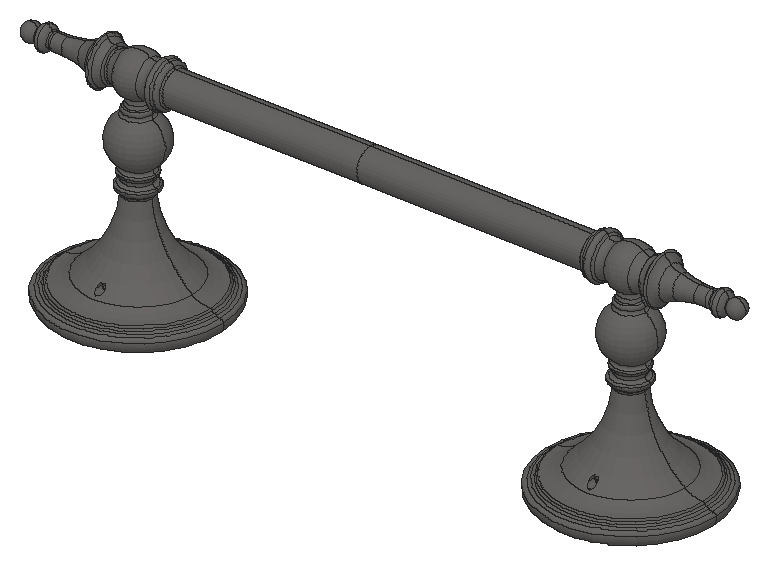
Revit family "Accessory-Tissue_Holder-KOHLER-Decorative-K-26527_1", category Specialty Equipment, host Face, Revit 2021
Family settings
  Host = Face
  Round Connector Dimension = Use Diameter
  Part Type = Normal
  OmniClass Number = 23.31.25.21
  OmniClass Title = Toilet Paper Dispensers
  Cut with Voids When Loaded = No
  Shared = No
  Room Calculation Point = No
Parameters (values of type "2BZ-Oil Rubbed Bronze")
  Width = 3 47/128"  # constant formula
  WaterSense Certified = 1 = 0  # no
  URL = "https://www.us.kohler.com/us/"
  Type = 1
  Product Page URL = "http://www.us.kohler.com/us/catalog/productDetails.jsp?productId=26527"
  Product Name = "Decorative"  # constant formula
  Product Documentation Link = "https://www.us.kohler.com/webassets/kpna/catalog/pdf/en/K-26527_spec_US-CA_Kohler_en.pdf"
  Model = if(Type = 1, "K-26527-2BZ", if(Type = 2, "K-26527-BN", if(Type = 3, "K-26527-CP", if(Type = 4, "K-26527-2MB", "NA"))))  # "K-26527-2BZ"
  Material = "Premium Metal Construction"  # constant formula
  Master Format 2014 Name = "Toilet, Bath, and Laundry Accessories"  # constant formula
  Master Format 2014 = "10 28 00"  # constant formula
  Manufacturer Address = "444 Highland Dr, Kohler, WI 53044"  # constant formula
  Manufacturer = "Kohler Co."  # constant formula
  Length = 10 117/256"  # constant formula
  Height = 2 61/128"  # constant formula
  Finish = Kohler-Metal-2BZ-Oil_Rubbed_Bronze
  Environmental Product Declaration = ""
  Description = "Toilet paper holder"  # constant formula
  Default Elevation = 42"
  Declare Label = ""
  Date Modified = "11/25/2022"  # constant formula
  Date Created = "11/25/2022"  # constant formula
  Copyright = "Copyright Kohler Co."  # constant formula
  Contact Us = "https://www.us.kohler.com/us/static/contact.jsp"
  Assembly Code = "C1030200"
  ADA Compliant = 1 = 0  # no
Reference planes (in)
  plane 1 "Center (Front/Back)": y = 0
  plane 2: z = 0
  plane 3 "Center (Left/Right)": x = 0
  plane 4: y = 1.23905
  plane 5: y = -1.23751
  plane 6: x = 4.79821
  plane 7: x = -5.22914
  plane 8: x = -2.32778
  plane 9: x = 2.32778
  plane 10: x = -3.56299
  plane 11: x = 3.56299
  plane 12: x = 3.56299
  plane 13: x = -3.56299
  plane 14: x = -4.79821
  plane 15: y = -0.23622
  plane 16: y = 0.23622
  plane 17: z = 3.24229
  plane 18: z = 3.00607
  plane 19: z = 2.76985
  plane 20: z = 3.36719
  plane 21: x = 5.22789
Dimensions and locks (in)
  "Width": level to plane 20
  plane 20 to level = 3 47/128"
  plane 13 to plane 12 = 7.12598"  (x2)
  plane 15 to plane 16 = 0.47244"
  "Height": plane 4 to plane 5
  "Length": plane 7 to plane 21
  aligned and locked: plane 2 to host face
  aligned and locked: level to host face
  aligned and locked: plane 3 "Center (Left/Right)" to nested 1
  aligned and locked: plane 1 "Center (Front/Back)" to nested 1
Automatic sketch dimensions
  host sketch curve to host sketch curve = 96"  (x2)
Nested families (in)
  nested 1: "K-26527" at (0, 0, 0), type "K-26527"
Definition of nested family "K-26527"
  Parameters (values of type "K-26527")
    Material = none
    Default Elevation = 0"
  Reference planes (in)
    plane 1 "Center (Front/Back)": y = 0
    plane 2: z = 0
    plane 3 "Center (Left/Right)": x = 0
    plane 4: x = 3.56299
    plane 5: x = -3.56299
    plane 6: z = 3.24229
    plane 7: z = 3.00607
    plane 8: z = 3.36789
    plane 9: x = 5.22857
    plane 10: x = -5.22857
    plane 11: y = 0.23622
    plane 12: y = -0.23622
    plane 13: y = 1.23905
    plane 14: x = -2.32778
    plane 15: x = 2.32778
    plane 16: x = -4.79821
    plane 17: x = 4.79821
    plane 18: z = 2.76985
    plane 19: y = -1.23905
  Forms (in)
    Revolve 1, solid, material <- "Material", detail levels medium+fine
      sketch origin (0, 0, 0) x (1, 0, 0) y (0, 0, 1)
        loop
          line (-3.56299, 0) -> (-2.50667, 0)
          arc (-2.50667, 0) -> (-2.45137, 0.01682) -> (-2.39998, 0.04327) r 0.32172
          arc (-2.39998, 0.04327) -> (-2.34293, 0.10847) -> (-2.33039, 0.1942) r 0.15315
          arc (-2.33039, 0.1942) -> (-2.34937, 0.22699) -> (-2.3858, 0.23745) r 0.05067
          arc (-2.3858, 0.23745) -> (-2.41228, 0.24156) -> (-2.4333, 0.25819) r 0.05258
          arc (-2.4333, 0.25819) -> (-2.44827, 0.27078) -> (-2.46725, 0.27549) r 0.04327
          arc (-2.46725, 0.27549) -> (-2.48526, 0.28259) -> (-2.49412, 0.2998) r 0.02748
          arc (-2.49412, 0.2998) -> (-2.50103, 0.31365) -> (-2.5152, 0.31986) r 0.02272
          arc (-2.5152, 0.31986) -> (-2.65392, 0.34917) -> (-2.77884, 0.41625) r 0.49986
          arc (-2.77884, 0.41625) -> (-3.18263, 0.87617) -> (-3.35777, 1.46259) r 1.43333
          arc (-3.35777, 1.46259) -> (-3.34722, 1.47492) -> (-3.34479, 1.49095) r 0.0295
          arc (-3.34479, 1.49095) -> (-3.33972, 1.51137) -> (-3.3222, 1.52302) r 0.02906
          arc (-3.3222, 1.52302) -> (-3.29085, 1.5452) -> (-3.28486, 1.58313) r 0.0494
          arc (-3.28486, 1.58313) -> (-3.29464, 1.5981) -> (-3.31161, 1.60373) r 0.02711
          arc (-3.31161, 1.60373) -> (-3.34469, 1.61721) -> (-3.35787, 1.65042) r 0.04555
          arc (-3.35787, 1.65042) -> (-3.34927, 1.68746) -> (-3.32673, 1.71809) r 0.09429
          arc (-3.32673, 1.71809) -> (-3.31601, 1.732) -> (-3.3109, 1.7488) r 0.04885
          arc (-3.3109, 1.7488) -> (-3.31439, 1.76414) -> (-3.32673, 1.7739) r 0.02368
          arc (-3.32673, 1.7739) -> (-3.35326, 1.80631) -> (-3.33614, 1.84453) r 0.03983
          arc (-3.33614, 1.84453) -> (-3.16774, 2.16802) -> (-3.34574, 2.48633) r 0.38392
          arc (-3.34574, 2.48633) -> (-3.36494, 2.5118) -> (-3.36264, 2.54362) r 0.04541
          arc (-3.36264, 2.54362) -> (-3.3613, 2.5718) -> (-3.37986, 2.59303) r 0.03773
          arc (-3.37986, 2.59303) -> (-3.39187, 2.60285) -> (-3.39868, 2.61679) r 0.03621
          arc (-3.39868, 2.61679) -> (-3.40491, 2.6407) -> (-3.41197, 2.66437) r 0.71651
          arc (-3.41197, 2.66437) -> (-3.41683, 2.7166) -> (-3.39957, 2.76614) r 0.12348
          line (-3.39957, 2.76614) -> (-3.56299, 2.76614) -> (-3.56299, 0)
        axis (-3.56299, 0) -> (-3.56299, 2.76614)
      angle from 0 to 360
    Revolve 2, solid, material <- "Material", detail levels medium+fine
      sketch origin (-0.00159, 0, 0) x (1, 0, 0) y (0, 0, 1)
        loop
          arc (-4.80651, 3.11884) -> (-4.83399, 3.15839) -> (-4.87696, 3.18015) r 0.09832
          arc (-4.87696, 3.18015) -> (-4.909, 3.17938) -> (-4.9369, 3.16361) r 0.06602
          arc (-4.9369, 3.16361) -> (-4.96442, 3.13062) -> (-4.9836, 3.09218) r 0.1853
          arc (-4.9836, 3.09218) -> (-4.99488, 3.08279) -> (-5.00859, 3.08805) r 0.01452
          arc (-5.00859, 3.08805) -> (-5.14752, 3.12627) -> (-5.22698, 3.00607) r 0.1227
          line (-5.22698, 3.00607) -> (5.23016, 3.00607)
          arc (5.23016, 3.00607) -> (5.1507, 3.12627) -> (5.01177, 3.08805) r 0.1227
          arc (5.01177, 3.08805) -> (4.99806, 3.08279) -> (4.98678, 3.09218) r 0.01452
          arc (4.98678, 3.09218) -> (4.9676, 3.13062) -> (4.94008, 3.16361) r 0.1853
          arc (4.94008, 3.16361) -> (4.91218, 3.17938) -> (4.88014, 3.18015) r 0.06602
          arc (4.88014, 3.18015) -> (4.83717, 3.15839) -> (4.80969, 3.11884) r 0.09832
          arc (4.80969, 3.11884) -> (4.7953, 3.10607) -> (4.77664, 3.11071) r 0.02063
          arc (4.77664, 3.11071) -> (4.76017, 3.12085) -> (4.7412, 3.12464) r 0.05489
          arc (4.7412, 3.12464) -> (4.65845, 3.12664) -> (4.57573, 3.12926) r 10.80592
          arc (4.57573, 3.12926) -> (4.43731, 3.14252) -> (4.30147, 3.17224) r 1.1608
          arc (4.30147, 3.17224) -> (4.22363, 3.19975) -> (4.14997, 3.23702) r 0.64162
          arc (4.14997, 3.23702) -> (4.09406, 3.28226) -> (4.05374, 3.34182) r 0.24452
          arc (4.05374, 3.34182) -> (4.04131, 3.3503) -> (4.02777, 3.34375) r 0.01502
          arc (4.02777, 3.34375) -> (4.01633, 3.32829) -> (4.00367, 3.31382) r 0.23455
          arc (4.00367, 3.31382) -> (3.95423, 3.2774) -> (3.89526, 3.26029) r 0.17514
          arc (3.89526, 3.26029) -> (3.88143, 3.25217) -> (3.87838, 3.23643) r 0.01947
          arc (3.87838, 3.23643) -> (3.8728, 3.21809) -> (3.85408, 3.21394) r 0.01901
          arc (3.85408, 3.21394) -> (3.79332, 3.23789) -> (3.73619, 3.26955) r 0.50064
          arc (3.73619, 3.26955) -> (3.56269, 3.31998) -> (3.38976, 3.26763) r 0.31762
          arc (3.38976, 3.26763) -> (3.31657, 3.24845) -> (3.24676, 3.27761) r 0.11811
          arc (3.24676, 3.27761) -> (3.23567, 3.28982) -> (3.22755, 3.30417) r 0.07417
          arc (3.22755, 3.30417) -> (3.19212, 3.33389) -> (3.14721, 3.32285) r 0.05111
          arc (3.14721, 3.32285) -> (3.12959, 3.31265) -> (3.10947, 3.30956) r 0.05505
          arc (3.10947, 3.30956) -> (3.0714, 3.29708) -> (3.05033, 3.26302) r 0.0584
          arc (3.05033, 3.26302) -> (3.04129, 3.24813) -> (3.02487, 3.24229) r 0.02599
          line (3.02487, 3.24229) -> (-0.20653, 3.24229) -> (-3.02169, 3.24229)
          arc (-3.02169, 3.24229) -> (-3.03811, 3.24813) -> (-3.04715, 3.26302) r 0.02599
          arc (-3.04715, 3.26302) -> (-3.06822, 3.29708) -> (-3.10628, 3.30956) r 0.0584
          arc (-3.10628, 3.30956) -> (-3.12641, 3.31265) -> (-3.14403, 3.32285) r 0.05505
          arc (-3.14403, 3.32285) -> (-3.18894, 3.33389) -> (-3.22437, 3.30417) r 0.05111
          arc (-3.22437, 3.30417) -> (-3.23249, 3.28982) -> (-3.24358, 3.27761) r 0.07417
          arc (-3.24358, 3.27761) -> (-3.31339, 3.24845) -> (-3.38658, 3.26763) r 0.11811
          arc (-3.38658, 3.26763) -> (-3.55951, 3.31998) -> (-3.73301, 3.26955) r 0.31762
          arc (-3.73301, 3.26955) -> (-3.79014, 3.23789) -> (-3.8509, 3.21394) r 0.50064
          arc (-3.8509, 3.21394) -> (-3.86962, 3.21809) -> (-3.8752, 3.23643) r 0.01901
          arc (-3.8752, 3.23643) -> (-3.87825, 3.25217) -> (-3.89208, 3.26029) r 0.01947
          arc (-3.89208, 3.26029) -> (-3.95105, 3.2774) -> (-4.00049, 3.31382) r 0.17514
          arc (-4.00049, 3.31382) -> (-4.01323, 3.32839) -> (-4.02473, 3.34397) r 0.23455
          arc (-4.02473, 3.34397) -> (-4.03814, 3.35046) -> (-4.05044, 3.34206) r 0.01486
          arc (-4.05044, 3.34206) -> (-4.09079, 3.28236) -> (-4.14679, 3.23702) r 0.24452
          arc (-4.14679, 3.23702) -> (-4.22045, 3.19975) -> (-4.29829, 3.17224) r 0.64162
          arc (-4.29829, 3.17224) -> (-4.43413, 3.14252) -> (-4.57254, 3.12926) r 1.1608
          arc (-4.57254, 3.12926) -> (-4.65527, 3.12664) -> (-4.73802, 3.12464) r 10.80592
          arc (-4.73802, 3.12464) -> (-4.75698, 3.12085) -> (-4.77346, 3.11071) r 0.05489
          arc (-4.77346, 3.11071) -> (-4.79212, 3.10607) -> (-4.80651, 3.11884) r 0.02063
        axis (-5.22698, 3.00607) -> (5.23016, 3.00607)
      angle from 0 to 360
    Revolve 3, solid, material <- "Material", detail levels medium+fine
      sketch origin (0, 0, 0) x (-1, 0, 0) y (0, 0, -1)
        loop
          line (-3.56299, 0) -> (-3.56299, -2.76614) -> (-3.39957, -2.76614)
          arc (-3.39957, -2.76614) -> (-3.41683, -2.7166) -> (-3.41197, -2.66437) r 0.12348
          arc (-3.41197, -2.66437) -> (-3.40491, -2.6407) -> (-3.39868, -2.61679) r 0.71651
          arc (-3.39868, -2.61679) -> (-3.39187, -2.60285) -> (-3.37986, -2.59303) r 0.03621
          arc (-3.37986, -2.59303) -> (-3.3613, -2.5718) -> (-3.36264, -2.54362) r 0.03773
          arc (-3.36264, -2.54362) -> (-3.36494, -2.5118) -> (-3.34574, -2.48633) r 0.04541
          arc (-3.34574, -2.48633) -> (-3.16774, -2.16802) -> (-3.33614, -1.84453) r 0.38392
          arc (-3.33614, -1.84453) -> (-3.35326, -1.80631) -> (-3.32673, -1.7739) r 0.03983
          arc (-3.32673, -1.7739) -> (-3.31439, -1.76414) -> (-3.3109, -1.7488) r 0.02368
          arc (-3.3109, -1.7488) -> (-3.31601, -1.732) -> (-3.32673, -1.71809) r 0.04885
          arc (-3.32673, -1.71809) -> (-3.34927, -1.68746) -> (-3.35787, -1.65042) r 0.09429
          arc (-3.35787, -1.65042) -> (-3.34469, -1.61721) -> (-3.31161, -1.60373) r 0.04555
          arc (-3.31161, -1.60373) -> (-3.29464, -1.5981) -> (-3.28486, -1.58313) r 0.02711
          arc (-3.28486, -1.58313) -> (-3.29085, -1.5452) -> (-3.3222, -1.52302) r 0.0494
          arc (-3.3222, -1.52302) -> (-3.33972, -1.51137) -> (-3.34479, -1.49095) r 0.02906
          arc (-3.34479, -1.49095) -> (-3.34722, -1.47492) -> (-3.35777, -1.46259) r 0.0295
          arc (-3.35777, -1.46259) -> (-3.18263, -0.87617) -> (-2.77884, -0.41625) r 1.43333
          arc (-2.77884, -0.41625) -> (-2.65392, -0.34917) -> (-2.5152, -0.31986) r 0.49986
          arc (-2.5152, -0.31986) -> (-2.50103, -0.31365) -> (-2.49412, -0.2998) r 0.02272
          arc (-2.49412, -0.2998) -> (-2.48526, -0.28259) -> (-2.46725, -0.27549) r 0.02748
          arc (-2.46725, -0.27549) -> (-2.44827, -0.27078) -> (-2.4333, -0.25819) r 0.04327
          arc (-2.4333, -0.25819) -> (-2.41228, -0.24156) -> (-2.3858, -0.23745) r 0.05258
          arc (-2.3858, -0.23745) -> (-2.34937, -0.22699) -> (-2.33039, -0.1942) r 0.05067
          arc (-2.33039, -0.1942) -> (-2.34293, -0.10847) -> (-2.39998, -0.04327) r 0.15315
          arc (-2.39998, -0.04327) -> (-2.45137, -0.01682) -> (-2.50667, 0) r 0.32172
          line (-2.50667, 0) -> (-3.56299, 0)
        axis (-3.56299, 0) -> (-3.56299, -2.76614)
      angle from 0 to 360
    Revolve 4, solid, material <- "Material", detail levels coarse
      sketch origin (0, 0, 0) x (1, 0, 0) y (0, 0, 1)
        loop
          line (-2.2563, 0) -> (-2.2563, 0.3937)
          arc (-2.2563, 0.3937) -> (-3.04195, 1.51207) -> (-3.39654, 2.83201) r 3.92554
          line (-3.39654, 2.83201) -> (-3.56299, 2.83201) -> (-3.56299, 0) -> (-2.2563, 0)
        axis (-3.56299, 2.83201) -> (-3.56299, 0)
      angle from 0 to 360
    Revolve 5, solid, material <- "Material", detail levels coarse
      sketch origin (0, 0, 0) x (-1, 0, 0) y (0, 0, -1)
        loop
          line (-2.2563, 0) -> (-3.56299, 0) -> (-3.56299, -2.83201) -> (-3.39654, -2.83201)
          arc (-3.39654, -2.83201) -> (-3.04195, -1.51207) -> (-2.2563, -0.3937) r 3.92554
          line (-2.2563, -0.3937) -> (-2.2563, 0)
        axis (-3.56299, -2.83201) -> (-3.56299, 0)
      angle from 0 to 360
    Revolve 6, solid, material <- "Material", detail levels coarse
      sketch origin (0, 0, 0) x (1, 0, 0) y (0, 0, 1)
        loop
          line (-4.2801, 2.38724) -> (-2.90358, 2.38724) -> (-2.90358, 2.58409) -> (-0.29101, 2.58409) -> (2.90358, 2.58409) -> (2.90358, 2.38724) -> (4.2801, 2.38724) -> (4.2801, 2.78101) -> (5.33122, 2.78101) -> (5.33122, 3.00607) -> (-5.33122, 3.00607) -> (-5.33122, 2.78101) -> (-4.2801, 2.78101) -> (-4.2801, 2.38724)
        axis (5.33122, 3.00607) -> (-5.33122, 3.00607)
      angle from 0 to 360
    Extrusion 7, void
      sketch origin (0, 0, 0) x (1, 0, 0) y (0, 0, 1)
        loop
          circle (-3.56299, 0.50503) r 0.05906
        loop
          circle (3.56299, 0.50503) r 0.05906
      from 0.4795 to 0.78752
    Extrusion 8, solid, material <- "Material", detail levels medium+fine
      sketch origin (0, 0, 0) x (1, 0, 0) y (0, 0, 1)
        loop
          circle (-3.56299, 0.50503) r 0.05906
        loop
          line (-3.56299, 0.54902) -> (-3.60109, 0.52703) -> (-3.60109, 0.48303) -> (-3.56299, 0.46103) -> (-3.52489, 0.48303) -> (-3.52489, 0.52703) -> (-3.56299, 0.54902)
        loop
          circle (3.56299, 0.50503) r 0.05906
        loop
          line (3.56299, 0.54902) -> (3.52489, 0.52703) -> (3.52489, 0.48303) -> (3.56299, 0.46103) -> (3.60109, 0.48303) -> (3.60109, 0.52703) -> (3.56299, 0.54902)
      from 0.4795 to 0.58539
  Cuts and joins
    joined: Revolve 4, Revolve 5, Revolve 6
    Extrusion 7 cuts Revolve 1
    Extrusion 7 cuts Revolve 2
    Extrusion 7 cuts Revolve 3
    joined: Revolve 1, Revolve 2, Revolve 3
  Lines and regions (in)
    Masking region 1
      outline origin (0, 0, 0) x (1, 0, 0) y (0, 0, 1)
        loop
          arc (-3.76739, 2.76155) -> (-3.72465, 2.72869) -> (-3.71322, 2.676) r 0.07842
          arc (-3.71322, 2.676) -> (-3.72155, 2.63301) -> (-3.74353, 2.59514) r 0.13138
          arc (-3.74353, 2.59514) -> (-3.76497, 2.57024) -> (-3.75999, 2.53777) r 0.03928
          line (-3.75999, 2.53777) -> (-3.75999, 2.49835)
          arc (-3.75999, 2.49835) -> (-3.9611, 2.17596) -> (-3.78405, 1.83975) r 0.38154
          arc (-3.78405, 1.83975) -> (-3.77902, 1.80391) -> (-3.79926, 1.7739) r 0.05051
          arc (-3.79926, 1.7739) -> (-3.81458, 1.76642) -> (-3.81485, 1.74936) r 0.0163
          arc (-3.81485, 1.74936) -> (-3.80774, 1.73171) -> (-3.79744, 1.71572) r 0.10052
          arc (-3.79744, 1.71572) -> (-3.78036, 1.69269) -> (-3.77052, 1.66576) r 0.09983
          arc (-3.77052, 1.66576) -> (-3.76744, 1.64153) -> (-3.78289, 1.62261) r 0.03095
          arc (-3.78289, 1.62261) -> (-3.79915, 1.61848) -> (-3.80907, 1.60495) r 0.0248
          arc (-3.80907, 1.60495) -> (-3.829, 1.59932) -> (-3.84111, 1.58251) r 0.03145
          arc (-3.84111, 1.58251) -> (-3.84221, 1.5632) -> (-3.83457, 1.54544) r 0.04211
          arc (-3.83457, 1.54544) -> (-3.82316, 1.53355) -> (-3.80913, 1.52492) r 0.06495
          arc (-3.80913, 1.52492) -> (-3.79343, 1.52056) -> (-3.78142, 1.50956) r 0.03493
          arc (-3.78142, 1.50956) -> (-3.7802, 1.48183) -> (-3.76868, 1.45658) r 0.07276
          arc (-3.76868, 1.45658) -> (-3.78445, 1.30723) -> (-3.82071, 1.1615) r 1.08389
          arc (-3.82071, 1.1615) -> (-3.90476, 0.95319) -> (-4.01717, 0.75871) r 1.5991
          arc (-4.01717, 0.75871) -> (-4.17874, 0.5526) -> (-4.38485, 0.39102) r 1.08905
          arc (-4.38485, 0.39102) -> (-4.48924, 0.34324) -> (-4.60178, 0.32054) r 0.49986
          arc (-4.60178, 0.32054) -> (-4.6193, 0.31722) -> (-4.63095, 0.3037) r 0.02704
          arc (-4.63095, 0.3037) -> (-4.6409, 0.28488) -> (-4.66002, 0.2755) r 0.03446
          arc (-4.66002, 0.2755) -> (-4.68202, 0.26672) -> (-4.69755, 0.24885) r 0.05025
          arc (-4.69755, 0.24885) -> (-4.71898, 0.24039) -> (-4.74187, 0.2378) r 0.08768
          arc (-4.74187, 0.2378) -> (-4.77879, 0.22439) -> (-4.7972, 0.1897) r 0.05468
          arc (-4.7972, 0.1897) -> (-4.79403, 0.13868) -> (-4.77288, 0.09216) r 0.14088
          arc (-4.77288, 0.09216) -> (-4.70595, 0.02967) -> (-4.61932, 0) r 0.21906
          line (-4.61932, 0) -> (-3.59377, 0) -> (-2.50667, 0)
          arc (-2.50667, 0) -> (-2.42004, 0.02967) -> (-2.35311, 0.09216) r 0.21906
          arc (-2.35311, 0.09216) -> (-2.33195, 0.13868) -> (-2.32879, 0.1897) r 0.14088
          arc (-2.32879, 0.1897) -> (-2.3472, 0.22439) -> (-2.38412, 0.2378) r 0.05468
          arc (-2.38412, 0.2378) -> (-2.40701, 0.24039) -> (-2.42843, 0.24885) r 0.08768
          arc (-2.42843, 0.24885) -> (-2.44397, 0.26672) -> (-2.46596, 0.2755) r 0.05025
          arc (-2.46596, 0.2755) -> (-2.48508, 0.28488) -> (-2.49504, 0.3037) r 0.03446
          arc (-2.49504, 0.3037) -> (-2.50668, 0.31722) -> (-2.52421, 0.32054) r 0.02704
          arc (-2.52421, 0.32054) -> (-2.63675, 0.34324) -> (-2.74113, 0.39102) r 0.49986
          arc (-2.74113, 0.39102) -> (-2.94724, 0.5526) -> (-3.10882, 0.75871) r 1.08905
          arc (-3.10882, 0.75871) -> (-3.22122, 0.95319) -> (-3.30527, 1.1615) r 1.5991
          arc (-3.30527, 1.1615) -> (-3.34153, 1.30723) -> (-3.3573, 1.45658) r 1.08389
          arc (-3.3573, 1.45658) -> (-3.34579, 1.48183) -> (-3.34457, 1.50956) r 0.07276
          arc (-3.34457, 1.50956) -> (-3.33255, 1.52056) -> (-3.31686, 1.52492) r 0.03493
          arc (-3.31686, 1.52492) -> (-3.30282, 1.53355) -> (-3.29141, 1.54544) r 0.06495
          arc (-3.29141, 1.54544) -> (-3.28377, 1.5632) -> (-3.28487, 1.58251) r 0.04211
          arc (-3.28487, 1.58251) -> (-3.29698, 1.59932) -> (-3.31691, 1.60495) r 0.03145
          arc (-3.31691, 1.60495) -> (-3.32683, 1.61848) -> (-3.34309, 1.62261) r 0.0248
          arc (-3.34309, 1.62261) -> (-3.35855, 1.64153) -> (-3.35547, 1.66576) r 0.03095
          arc (-3.35547, 1.66576) -> (-3.34563, 1.69269) -> (-3.32854, 1.71572) r 0.09983
          arc (-3.32854, 1.71572) -> (-3.31824, 1.73171) -> (-3.31114, 1.74936) r 0.10052
          arc (-3.31114, 1.74936) -> (-3.3114, 1.76642) -> (-3.32673, 1.7739) r 0.0163
          arc (-3.32673, 1.7739) -> (-3.34696, 1.80391) -> (-3.34193, 1.83975) r 0.05051
          arc (-3.34193, 1.83975) -> (-3.16488, 2.17596) -> (-3.366, 2.49835) r 0.38154
          line (-3.366, 2.49835) -> (-3.366, 2.53777)
          arc (-3.366, 2.53777) -> (-3.36101, 2.57024) -> (-3.38245, 2.59514) r 0.03928
          arc (-3.38245, 2.59514) -> (-3.40444, 2.63301) -> (-3.41276, 2.676) r 0.13138
          arc (-3.41276, 2.676) -> (-3.40638, 2.71939) -> (-3.37769, 2.75257) r 0.07842
          arc (-3.37769, 2.75257) -> (-3.30426, 2.76143) -> (-3.23843, 2.72773) r 0.12655
          arc (-3.23843, 2.72773) -> (-3.21243, 2.68981) -> (-3.16891, 2.67498) r 0.07292
          arc (-3.16891, 2.67498) -> (-3.15379, 2.67832) -> (-3.14162, 2.68791) r 0.03469
          arc (-3.14162, 2.68791) -> (-3.12631, 2.69946) -> (-3.10736, 2.70238) r 0.03925
          arc (-3.10736, 2.70238) -> (-3.06854, 2.7136) -> (-3.04783, 2.74831) r 0.05508
          arc (-3.04783, 2.74831) -> (-3.03911, 2.76374) -> (-3.02248, 2.76985) r 0.02569
          line (-3.02248, 2.76985) -> (0.00171, 2.76985) -> (3.02248, 2.76985)
          arc (3.02248, 2.76985) -> (3.03911, 2.76374) -> (3.04783, 2.74831) r 0.02569
          arc (3.04783, 2.74831) -> (3.06854, 2.7136) -> (3.10736, 2.70238) r 0.05508
          arc (3.10736, 2.70238) -> (3.12631, 2.69946) -> (3.14162, 2.68791) r 0.03925
          arc (3.14162, 2.68791) -> (3.15379, 2.67832) -> (3.16891, 2.67498) r 0.03469
          arc (3.16891, 2.67498) -> (3.21243, 2.68981) -> (3.23843, 2.72773) r 0.07292
          arc (3.23843, 2.72773) -> (3.30426, 2.76143) -> (3.37769, 2.75257) r 0.12655
          arc (3.37769, 2.75257) -> (3.40638, 2.71939) -> (3.41276, 2.676) r 0.07842
          arc (3.41276, 2.676) -> (3.40444, 2.63301) -> (3.38245, 2.59514) r 0.13138
          arc (3.38245, 2.59514) -> (3.36101, 2.57024) -> (3.366, 2.53777) r 0.03928
          line (3.366, 2.53777) -> (3.366, 2.49835)
          arc (3.366, 2.49835) -> (3.16488, 2.17596) -> (3.34193, 1.83975) r 0.38154
          arc (3.34193, 1.83975) -> (3.34696, 1.80391) -> (3.32673, 1.7739) r 0.05051
          arc (3.32673, 1.7739) -> (3.3114, 1.76642) -> (3.31114, 1.74936) r 0.0163
          arc (3.31114, 1.74936) -> (3.31824, 1.73171) -> (3.32854, 1.71572) r 0.10052
          arc (3.32854, 1.71572) -> (3.34563, 1.69269) -> (3.35547, 1.66576) r 0.09983
          arc (3.35547, 1.66576) -> (3.35855, 1.64153) -> (3.34309, 1.62261) r 0.03095
          arc (3.34309, 1.62261) -> (3.32683, 1.61848) -> (3.31691, 1.60495) r 0.0248
          arc (3.31691, 1.60495) -> (3.29698, 1.59932) -> (3.28487, 1.58251) r 0.03145
          arc (3.28487, 1.58251) -> (3.28377, 1.5632) -> (3.29141, 1.54544) r 0.04211
          arc (3.29141, 1.54544) -> (3.30282, 1.53355) -> (3.31686, 1.52492) r 0.06495
          arc (3.31686, 1.52492) -> (3.33255, 1.52056) -> (3.34457, 1.50956) r 0.03493
          arc (3.34457, 1.50956) -> (3.34579, 1.48183) -> (3.3573, 1.45658) r 0.07276
          arc (3.3573, 1.45658) -> (3.34153, 1.30723) -> (3.30527, 1.1615) r 1.08389
          arc (3.30527, 1.1615) -> (3.22122, 0.95319) -> (3.10882, 0.75871) r 1.5991
          arc (3.10882, 0.75871) -> (2.94724, 0.5526) -> (2.74113, 0.39102) r 1.08905
          arc (2.74113, 0.39102) -> (2.63675, 0.34324) -> (2.52421, 0.32054) r 0.49986
          arc (2.52421, 0.32054) -> (2.50668, 0.31722) -> (2.49504, 0.3037) r 0.02704
          arc (2.49504, 0.3037) -> (2.48508, 0.28488) -> (2.46596, 0.2755) r 0.03446
          arc (2.46596, 0.2755) -> (2.44397, 0.26672) -> (2.42843, 0.24885) r 0.05025
          arc (2.42843, 0.24885) -> (2.40701, 0.24039) -> (2.38412, 0.2378) r 0.08768
          arc (2.38412, 0.2378) -> (2.3472, 0.22439) -> (2.32879, 0.1897) r 0.05468
          arc (2.32879, 0.1897) -> (2.33195, 0.13868) -> (2.35311, 0.09216) r 0.14088
          arc (2.35311, 0.09216) -> (2.42004, 0.02967) -> (2.50667, 0) r 0.21906
          line (2.50667, 0) -> (3.59377, 0) -> (4.61932, 0)
          arc (4.61932, 0) -> (4.70595, 0.02967) -> (4.77288, 0.09216) r 0.21906
          arc (4.77288, 0.09216) -> (4.79403, 0.13868) -> (4.7972, 0.1897) r 0.14088
          arc (4.7972, 0.1897) -> (4.77879, 0.22439) -> (4.74187, 0.2378) r 0.05468
          arc (4.74187, 0.2378) -> (4.71898, 0.24039) -> (4.69755, 0.24885) r 0.08768
          arc (4.69755, 0.24885) -> (4.68202, 0.26672) -> (4.66002, 0.2755) r 0.05025
          arc (4.66002, 0.2755) -> (4.6409, 0.28488) -> (4.63095, 0.3037) r 0.03446
          arc (4.63095, 0.3037) -> (4.6193, 0.31722) -> (4.60178, 0.32054) r 0.02704
          arc (4.60178, 0.32054) -> (4.48924, 0.34324) -> (4.38485, 0.39102) r 0.49986
          arc (4.38485, 0.39102) -> (4.17874, 0.5526) -> (4.01717, 0.75871) r 1.08905
          arc (4.01717, 0.75871) -> (3.90476, 0.95319) -> (3.82071, 1.1615) r 1.5991
          arc (3.82071, 1.1615) -> (3.78445, 1.30723) -> (3.76868, 1.45658) r 1.08389
          arc (3.76868, 1.45658) -> (3.7802, 1.48183) -> (3.78142, 1.50956) r 0.07276
          arc (3.78142, 1.50956) -> (3.79343, 1.52056) -> (3.80913, 1.52492) r 0.03493
          arc (3.80913, 1.52492) -> (3.82316, 1.53355) -> (3.83457, 1.54544) r 0.06495
          arc (3.83457, 1.54544) -> (3.84221, 1.5632) -> (3.84111, 1.58251) r 0.04211
          arc (3.84111, 1.58251) -> (3.829, 1.59932) -> (3.80907, 1.60495) r 0.03145
          arc (3.80907, 1.60495) -> (3.79915, 1.61848) -> (3.78289, 1.62261) r 0.0248
          arc (3.78289, 1.62261) -> (3.76744, 1.64153) -> (3.77052, 1.66576) r 0.03095
          arc (3.77052, 1.66576) -> (3.78036, 1.69269) -> (3.79744, 1.71572) r 0.09983
          arc (3.79744, 1.71572) -> (3.80774, 1.73171) -> (3.81485, 1.74936) r 0.10052
          arc (3.81485, 1.74936) -> (3.81458, 1.76642) -> (3.79926, 1.7739) r 0.0163
          arc (3.79926, 1.7739) -> (3.77902, 1.80391) -> (3.78405, 1.83975) r 0.05051
          arc (3.78405, 1.83975) -> (3.9611, 2.17596) -> (3.75999, 2.49835) r 0.38154
          line (3.75999, 2.49835) -> (3.75999, 2.53777)
          arc (3.75999, 2.53777) -> (3.76497, 2.57024) -> (3.74353, 2.59514) r 0.03928
          arc (3.74353, 2.59514) -> (3.72155, 2.63301) -> (3.71322, 2.676) r 0.13138
          arc (3.71322, 2.676) -> (3.72465, 2.72869) -> (3.76739, 2.76155) r 0.07842
          arc (3.76739, 2.76155) -> (3.80939, 2.78518) -> (3.85562, 2.79877) r 0.21325
          arc (3.85562, 2.79877) -> (3.87031, 2.79481) -> (3.87674, 2.78101) r 0.01802
          line (3.87674, 2.78101) -> (3.87674, 2.75005) -> (3.91357, 2.75005)
          arc (3.91357, 2.75005) -> (3.93019, 2.74821) -> (3.94495, 2.74034) r 0.04433
          arc (3.94495, 2.74034) -> (3.95778, 2.7307) -> (3.97127, 2.72201) r 0.2258
          arc (3.97127, 2.72201) -> (4.00015, 2.70018) -> (4.02358, 2.67258) r 0.1652
          arc (4.02358, 2.67258) -> (4.0389, 2.66483) -> (4.05355, 2.67377) r 0.01764
          arc (4.05355, 2.67377) -> (4.09493, 2.73009) -> (4.14838, 2.77512) r 0.29556
          arc (4.14838, 2.77512) -> (4.22989, 2.81785) -> (4.31821, 2.84373) r 0.46636
          arc (4.31821, 2.84373) -> (4.52729, 2.87865) -> (4.7391, 2.88748) r 1.71311
          arc (4.7391, 2.88748) -> (4.75626, 2.8907) -> (4.77144, 2.89935) r 0.05266
          arc (4.77144, 2.89935) -> (4.78679, 2.90665) -> (4.80259, 2.90038) r 0.02128
          arc (4.80259, 2.90038) -> (4.83244, 2.85716) -> (4.87855, 2.83199) r 0.11363
          arc (4.87855, 2.83199) -> (4.94359, 2.85213) -> (4.98088, 2.9091) r 0.1005
          arc (4.98088, 2.9091) -> (4.98985, 2.92469) -> (5.00783, 2.92466) r 0.01794
          arc (5.00783, 2.92466) -> (5.147, 2.88727) -> (5.22857, 3.00607) r 0.12474
          arc (5.22857, 3.00607) -> (5.147, 3.12486) -> (5.00783, 3.08747) r 0.12474
          arc (5.00783, 3.08747) -> (4.98985, 3.08745) -> (4.98088, 3.10303) r 0.01794
          arc (4.98088, 3.10303) -> (4.94359, 3.16001) -> (4.87855, 3.18015) r 0.1005
          arc (4.87855, 3.18015) -> (4.83244, 3.15497) -> (4.80259, 3.11175) r 0.11363
          arc (4.80259, 3.11175) -> (4.78679, 3.10548) -> (4.77144, 3.11279) r 0.02128
          arc (4.77144, 3.11279) -> (4.75626, 3.12144) -> (4.7391, 3.12466) r 0.05266
          arc (4.7391, 3.12466) -> (4.52729, 3.13348) -> (4.31821, 3.1684) r 1.71311
          arc (4.31821, 3.1684) -> (4.22989, 3.19429) -> (4.14838, 3.23702) r 0.46636
          arc (4.14838, 3.23702) -> (4.09493, 3.28205) -> (4.05355, 3.33837) r 0.29556
          arc (4.05355, 3.33837) -> (4.0389, 3.34731) -> (4.02358, 3.33956) r 0.01764
          arc (4.02358, 3.33956) -> (4.00015, 3.31196) -> (3.97127, 3.29013) r 0.1652
          arc (3.97127, 3.29013) -> (3.95778, 3.28143) -> (3.94495, 3.2718) r 0.2258
          arc (3.94495, 3.2718) -> (3.93019, 3.26393) -> (3.91357, 3.26209) r 0.04433
          line (3.91357, 3.26209) -> (3.87674, 3.26209) -> (3.87674, 3.23112)
          arc (3.87674, 3.23112) -> (3.87031, 3.21733) -> (3.85562, 3.21337) r 0.01802
          arc (3.85562, 3.21337) -> (3.8163, 3.22419) -> (3.77976, 3.24229) r 0.21325
          arc (3.77976, 3.24229) -> (3.5996, 3.31771) -> (3.40822, 3.27868) r 0.33175
          arc (3.40822, 3.27868) -> (3.32222, 3.24882) -> (3.23843, 3.28441) r 0.12655
          arc (3.23843, 3.28441) -> (3.21243, 3.32233) -> (3.16891, 3.33716) r 0.07292
          arc (3.16891, 3.33716) -> (3.15379, 3.33382) -> (3.14162, 3.32422) r 0.03469
          arc (3.14162, 3.32422) -> (3.12631, 3.31268) -> (3.10736, 3.30976) r 0.03925
          arc (3.10736, 3.30976) -> (3.06854, 3.29853) -> (3.04783, 3.26383) r 0.05508
          arc (3.04783, 3.26383) -> (3.03911, 3.2484) -> (3.02248, 3.24229) r 0.02569
          line (3.02248, 3.24229) -> (0.00171, 3.24229) -> (-3.02248, 3.24229)
          arc (-3.02248, 3.24229) -> (-3.03911, 3.2484) -> (-3.04783, 3.26383) r 0.02569
          arc (-3.04783, 3.26383) -> (-3.06854, 3.29853) -> (-3.10736, 3.30976) r 0.05508
          arc (-3.10736, 3.30976) -> (-3.12631, 3.31268) -> (-3.14162, 3.32422) r 0.03925
          arc (-3.14162, 3.32422) -> (-3.15379, 3.33382) -> (-3.16891, 3.33716) r 0.03469
          arc (-3.16891, 3.33716) -> (-3.21243, 3.32233) -> (-3.23843, 3.28441) r 0.07292
          arc (-3.23843, 3.28441) -> (-3.32222, 3.24882) -> (-3.40822, 3.27868) r 0.12655
          arc (-3.40822, 3.27868) -> (-3.5996, 3.31771) -> (-3.77976, 3.24229) r 0.33175
          arc (-3.77976, 3.24229) -> (-3.8163, 3.22419) -> (-3.85562, 3.21337) r 0.21325
          arc (-3.85562, 3.21337) -> (-3.87031, 3.21733) -> (-3.87674, 3.23112) r 0.01802
          line (-3.87674, 3.23112) -> (-3.87674, 3.26209) -> (-3.91357, 3.26209)
          arc (-3.91357, 3.26209) -> (-3.93019, 3.26393) -> (-3.94495, 3.2718) r 0.04433
          arc (-3.94495, 3.2718) -> (-3.95778, 3.28143) -> (-3.97127, 3.29013) r 0.2258
          arc (-3.97127, 3.29013) -> (-4.00015, 3.31196) -> (-4.02358, 3.33956) r 0.1652
          arc (-4.02358, 3.33956) -> (-4.0389, 3.34731) -> (-4.05355, 3.33837) r 0.01764
          arc (-4.05355, 3.33837) -> (-4.09493, 3.28205) -> (-4.14838, 3.23702) r 0.29556
          arc (-4.14838, 3.23702) -> (-4.22989, 3.19429) -> (-4.31821, 3.1684) r 0.46636
          arc (-4.31821, 3.1684) -> (-4.52729, 3.13348) -> (-4.7391, 3.12466) r 1.71311
          arc (-4.7391, 3.12466) -> (-4.75626, 3.12144) -> (-4.77144, 3.11279) r 0.05266
          arc (-4.77144, 3.11279) -> (-4.78679, 3.10548) -> (-4.80259, 3.11175) r 0.02128
          arc (-4.80259, 3.11175) -> (-4.83244, 3.15497) -> (-4.87855, 3.18015) r 0.11363
          arc (-4.87855, 3.18015) -> (-4.94359, 3.16001) -> (-4.98088, 3.10303) r 0.1005
          arc (-4.98088, 3.10303) -> (-4.98985, 3.08745) -> (-5.00783, 3.08747) r 0.01794
          arc (-5.00783, 3.08747) -> (-5.147, 3.12486) -> (-5.22857, 3.00607) r 0.12474
          arc (-5.22857, 3.00607) -> (-5.147, 2.88727) -> (-5.00783, 2.92466) r 0.12474
          arc (-5.00783, 2.92466) -> (-4.98985, 2.92469) -> (-4.98088, 2.9091) r 0.01794
          arc (-4.98088, 2.9091) -> (-4.94359, 2.85213) -> (-4.87855, 2.83199) r 0.1005
          arc (-4.87855, 2.83199) -> (-4.83244, 2.85716) -> (-4.80259, 2.90038) r 0.11363
          arc (-4.80259, 2.90038) -> (-4.78679, 2.90665) -> (-4.77144, 2.89935) r 0.02128
          arc (-4.77144, 2.89935) -> (-4.75626, 2.8907) -> (-4.7391, 2.88748) r 0.05266
          arc (-4.7391, 2.88748) -> (-4.52729, 2.87865) -> (-4.31821, 2.84373) r 1.71311
          arc (-4.31821, 2.84373) -> (-4.22989, 2.81785) -> (-4.14838, 2.77512) r 0.46636
          arc (-4.14838, 2.77512) -> (-4.09493, 2.73009) -> (-4.05355, 2.67377) r 0.29556
          arc (-4.05355, 2.67377) -> (-4.0389, 2.66483) -> (-4.02358, 2.67258) r 0.01764
          arc (-4.02358, 2.67258) -> (-4.00015, 2.70018) -> (-3.97127, 2.72201) r 0.1652
          arc (-3.97127, 2.72201) -> (-3.95778, 2.7307) -> (-3.94495, 2.74034) r 0.2258
          arc (-3.94495, 2.74034) -> (-3.93019, 2.74821) -> (-3.91357, 2.75005) r 0.04433
          line (-3.91357, 2.75005) -> (-3.87674, 2.75005) -> (-3.87674, 2.78101)
          arc (-3.87674, 2.78101) -> (-3.87031, 2.79481) -> (-3.85562, 2.79877) r 0.01802
          arc (-3.85562, 2.79877) -> (-3.80939, 2.78518) -> (-3.76739, 2.76155) r 0.21325
    Masking region 2
      outline origin (0, 0, 0) x (0, 1, 0) y (0, 0, 1)
        loop
          line (-0.00761, 0) -> (1.05632, 0)
          arc (1.05632, 0) -> (1.16584, 0.04265) -> (1.23081, 0.14059) r 0.19451
          arc (1.23081, 0.14059) -> (1.23004, 0.20553) -> (1.17369, 0.2378) r 0.06541
          arc (1.17369, 0.2378) -> (1.15001, 0.24081) -> (1.13089, 0.25509) r 0.0469
          arc (1.13089, 0.25509) -> (1.11203, 0.27077) -> (1.08848, 0.27764) r 0.06026
          arc (1.08848, 0.27764) -> (1.0748, 0.29021) -> (1.0663, 0.30674) r 0.05306
          arc (1.0663, 0.30674) -> (1.0557, 0.31816) -> (1.04023, 0.32006) r 0.02269
          arc (1.04023, 0.32006) -> (0.9152, 0.3467) -> (0.80028, 0.40271) r 0.52613
          arc (0.80028, 0.40271) -> (0.61845, 0.54985) -> (0.47131, 0.73167) r 1.11533
          arc (0.47131, 0.73167) -> (0.28348, 1.07722) -> (0.20496, 1.46259) r 1.32947
          arc (0.20496, 1.46259) -> (0.21641, 1.48472) -> (0.21842, 1.50956) r 0.06321
          arc (0.21842, 1.50956) -> (0.23049, 1.52046) -> (0.24613, 1.52492) r 0.03593
          arc (0.24613, 1.52492) -> (0.26555, 1.53726) -> (0.27789, 1.55668) r 0.0529
          arc (0.27789, 1.55668) -> (0.2755, 1.58879) -> (0.24704, 1.60385) r 0.03328
          arc (0.24704, 1.60385) -> (0.23802, 1.61818) -> (0.22157, 1.6222) r 0.02258
          arc (0.22157, 1.6222) -> (0.20857, 1.6335) -> (0.2047, 1.65028) r 0.02788
          arc (0.2047, 1.65028) -> (0.21286, 1.68218) -> (0.23085, 1.70977) r 0.10106
          arc (0.23085, 1.70977) -> (0.24355, 1.72774) -> (0.25135, 1.74832) r 0.08732
          arc (0.25135, 1.74832) -> (0.24852, 1.76491) -> (0.23456, 1.7743) r 0.02135
          arc (0.23456, 1.7743) -> (0.21612, 1.8016) -> (0.21858, 1.83446) r 0.05021
          arc (0.21858, 1.83446) -> (0.39596, 2.1594) -> (0.23003, 2.49034) r 0.39914
          arc (0.23003, 2.49034) -> (0.2139, 2.49594) -> (0.19699, 2.49835) r 0.08864
          line (0.19699, 2.49835) -> (0.19699, 2.53777)
          arc (0.19699, 2.53777) -> (0.20249, 2.55415) -> (0.20172, 2.57142) r 0.04723
          arc (0.20172, 2.57142) -> (0.19503, 2.58676) -> (0.18054, 2.59514) r 0.02683
          arc (0.18054, 2.59514) -> (0.16838, 2.60646) -> (0.16354, 2.62236) r 0.03198
          arc (0.16354, 2.62236) -> (0.15449, 2.649) -> (0.14997, 2.67677) r 0.16956
          arc (0.14997, 2.67677) -> (0.35399, 3.08099) -> (0.00369, 3.36789) r 0.36184
          arc (0.00369, 3.36789) -> (-0.35321, 3.0846) -> (-0.14997, 2.67677) r 0.36184
          arc (-0.14997, 2.67677) -> (-0.15449, 2.649) -> (-0.16354, 2.62236) r 0.16956
          arc (-0.16354, 2.62236) -> (-0.16838, 2.60646) -> (-0.18054, 2.59514) r 0.03198
          arc (-0.18054, 2.59514) -> (-0.19503, 2.58676) -> (-0.20172, 2.57142) r 0.02683
          arc (-0.20172, 2.57142) -> (-0.20249, 2.55415) -> (-0.19699, 2.53777) r 0.04723
          line (-0.19699, 2.53777) -> (-0.19699, 2.49835)
          arc (-0.19699, 2.49835) -> (-0.2139, 2.49594) -> (-0.23003, 2.49034) r 0.08864
          arc (-0.23003, 2.49034) -> (-0.39596, 2.1594) -> (-0.21858, 1.83446) r 0.39914
          arc (-0.21858, 1.83446) -> (-0.21612, 1.8016) -> (-0.23456, 1.7743) r 0.05021
          arc (-0.23456, 1.7743) -> (-0.24852, 1.76491) -> (-0.25135, 1.74832) r 0.02135
          arc (-0.25135, 1.74832) -> (-0.24355, 1.72774) -> (-0.23085, 1.70977) r 0.08732
          arc (-0.23085, 1.70977) -> (-0.21286, 1.68218) -> (-0.2047, 1.65028) r 0.10106
          arc (-0.2047, 1.65028) -> (-0.20857, 1.6335) -> (-0.22157, 1.6222) r 0.02788
          arc (-0.22157, 1.6222) -> (-0.23802, 1.61818) -> (-0.24704, 1.60385) r 0.02258
          arc (-0.24704, 1.60385) -> (-0.2755, 1.58879) -> (-0.27789, 1.55668) r 0.03328
          arc (-0.27789, 1.55668) -> (-0.26555, 1.53726) -> (-0.24613, 1.52492) r 0.0529
          arc (-0.24613, 1.52492) -> (-0.23049, 1.52046) -> (-0.21842, 1.50956) r 0.03593
          arc (-0.21842, 1.50956) -> (-0.21641, 1.48472) -> (-0.20496, 1.46259) r 0.06321
          arc (-0.20496, 1.46259) -> (-0.28348, 1.07722) -> (-0.47131, 0.73167) r 1.32947
          arc (-0.47131, 0.73167) -> (-0.61845, 0.54985) -> (-0.80028, 0.40271) r 1.11533
          arc (-0.80028, 0.40271) -> (-0.9152, 0.3467) -> (-1.04023, 0.32006) r 0.52613
          arc (-1.04023, 0.32006) -> (-1.0557, 0.31816) -> (-1.0663, 0.30674) r 0.02269
          arc (-1.0663, 0.30674) -> (-1.0748, 0.29021) -> (-1.08848, 0.27764) r 0.05306
          arc (-1.08848, 0.27764) -> (-1.11203, 0.27077) -> (-1.13089, 0.25509) r 0.06026
          arc (-1.13089, 0.25509) -> (-1.15001, 0.24081) -> (-1.17369, 0.2378) r 0.0469
          arc (-1.17369, 0.2378) -> (-1.23004, 0.20553) -> (-1.23081, 0.14059) r 0.06541
          arc (-1.23081, 0.14059) -> (-1.16584, 0.04265) -> (-1.05632, 0) r 0.19451
          line (-1.05632, 0) -> (-0.00761, 0)
    Masking region 3
      outline origin (0, 0, 0) x (1, 0, 0) y (0, 1, 0)
        loop
          arc (-5.22857, 0) -> (-5.14263, -0.11977) -> (-5.00237, -0.07442) r 0.12501
          arc (-5.00237, -0.07442) -> (-4.98783, -0.08207) -> (-4.98088, -0.09697) r 0.02575
          arc (-4.98088, -0.09697) -> (-4.96174, -0.13392) -> (-4.93051, -0.16143) r 0.11296
          arc (-4.93051, -0.16143) -> (-4.89071, -0.17436) -> (-4.8509, -0.16143) r 0.06773
          arc (-4.8509, -0.16143) -> (-4.82058, -0.13575) -> (-4.7988, -0.10251) r 0.13853
          arc (-4.7988, -0.10251) -> (-3.63087, -1.23907) -> (-2.3463, -0.23622) r 1.23954
          line (-2.3463, -0.23622) -> (0, -0.23622) -> (2.3463, -0.23622)
          arc (2.3463, -0.23622) -> (3.63087, -1.23907) -> (4.7988, -0.10251) r 1.23954
          arc (4.7988, -0.10251) -> (4.82058, -0.13575) -> (4.8509, -0.16143) r 0.13853
          arc (4.8509, -0.16143) -> (4.89071, -0.17436) -> (4.93051, -0.16143) r 0.06773
          arc (4.93051, -0.16143) -> (4.96174, -0.13392) -> (4.98088, -0.09697) r 0.11296
          arc (4.98088, -0.09697) -> (4.98783, -0.08207) -> (5.00237, -0.07442) r 0.02575
          arc (5.00237, -0.07442) -> (5.14263, -0.11977) -> (5.22857, 0) r 0.12501
          arc (5.22857, 0) -> (5.14263, 0.11977) -> (5.00237, 0.07442) r 0.12501
          arc (5.00237, 0.07442) -> (4.98783, 0.08207) -> (4.98088, 0.09697) r 0.02575
          arc (4.98088, 0.09697) -> (4.96174, 0.13392) -> (4.93051, 0.16143) r 0.11296
          arc (4.93051, 0.16143) -> (4.89071, 0.17436) -> (4.8509, 0.16143) r 0.06773
          arc (4.8509, 0.16143) -> (4.82058, 0.13575) -> (4.7988, 0.10251) r 0.13853
          arc (4.7988, 0.10251) -> (3.63087, 1.23907) -> (2.3463, 0.23622) r 1.23954
          line (2.3463, 0.23622) -> (0, 0.23622) -> (-2.3463, 0.23622)
          arc (-2.3463, 0.23622) -> (-3.63087, 1.23907) -> (-4.7988, 0.10251) r 1.23954
          arc (-4.7988, 0.10251) -> (-4.82058, 0.13575) -> (-4.8509, 0.16143) r 0.13853
          arc (-4.8509, 0.16143) -> (-4.89071, 0.17436) -> (-4.93051, 0.16143) r 0.06773
          arc (-4.93051, 0.16143) -> (-4.96174, 0.13392) -> (-4.98088, 0.09697) r 0.11296
          arc (-4.98088, 0.09697) -> (-4.98783, 0.08207) -> (-5.00237, 0.07442) r 0.02575
          arc (-5.00237, 0.07442) -> (-5.14263, 0.11977) -> (-5.22857, 0) r 0.12501
    symbolic lines, detail levels medium+fine
      curve 1: line (-5.00783, 0, 3.08747) -> (-5.00783, 0, 2.92466)
      curve 2: line (-4.98088, 0, 3.10303) -> (-4.98088, 0, 2.9091)
      curve 3: line (-4.80391, 0, 3.11425) -> (-4.80391, 0, 2.89789)
      curve 4: line (-4.77144, 0, 3.11279) -> (-4.77144, 0, 2.89935)
      curve 5: line (-4.74187, 0, 0.2378) -> (-2.38412, 0, 0.2378)
      curve 6: line (-4.6594, 0, 0.27567) -> (-2.46658, 0, 0.27567)
      curve 7: line (-2.52421, 0, 0.32054) -> (-4.60177, 0, 0.32054)
      curve 8: line (-3.3573, 0, 1.45658) -> (-3.76868, 0, 1.45658)
      curve 9: line (-3.80913, 0, 1.52492) -> (-3.31686, 0, 1.52492)
      curve 10: line (-3.80907, 0, 1.60495) -> (-3.31691, 0, 1.60495)
      curve 11: line (-3.78289, 0, 1.62261) -> (-3.34309, 0, 1.62261)
      curve 12: line (-3.76989, 0, 1.66435) -> (-3.35609, 0, 1.66435)
      curve 13: line (-3.79926, 0, 1.7739) -> (-3.32673, 0, 1.7739)
      curve 14: line (-3.78405, 0, 1.83975) -> (-3.34193, 0, 1.83975)
      curve 15: line (-3.366, 0, 2.49835) -> (-3.75999, 0, 2.49835)
      curve 16: line (-3.75999, 0, 2.53777) -> (-3.366, 0, 2.53777)
      curve 17: line (-3.74353, 0, 2.59514) -> (-3.38245, 0, 2.59514)
      curve 18: line (-4.73185, 0, 3.12473) -> (-4.73185, 0, 2.8874)
      curve 19: line (-3.93576, 0, 3.26613) -> (-3.93576, 0, 2.74601)
      curve 20: line (-3.87674, 0, 3.23112) -> (-3.87674, 0, 2.78101)
      curve 21: line (-3.73812, 0, 3.2718) -> (-3.73812, 0, 2.7444)
      curve 22: line (-3.31182, 0, 3.24982) -> (-3.31182, 0, 2.76187)
      curve 23: line (-3.25528, 0, 3.27096) -> (-3.25528, 0, 2.74056)
      curve 24: line (-3.15523, 0, 3.33431) -> (-3.15523, 0, 2.67783)
      curve 25: line (-3.13472, 0, 3.31753) -> (-3.13472, 0, 2.69461)
      curve 26: line (-3.04662, 0, 3.25961) -> (-3.04662, 0, 2.75253)
      curve 27: line (0, 1.16165, 0.23777) -> (0, -1.16166, 0.23777)
      curve 28: line (0, 1.08848, 0.27764) -> (0, -1.08848, 0.27764)
      curve 29: line (0, 1.07033, 0.29761) -> (0, -1.07033, 0.29761)
      curve 30: line (0, 1.04023, 0.32006) -> (0, -1.04023, 0.32006)
      curve 31: line (0, 0.20496, 1.46259) -> (0, -0.20496, 1.46259)
      curve 32: line (0, 0.21842, 1.50956) -> (0, -0.21842, 1.50956)
      curve 33: line (0, 0.24613, 1.52492) -> (0, -0.24613, 1.52492)
      curve 34: line (0, 0.24704, 1.60385) -> (0, -0.24704, 1.60385)
      curve 35: line (0, -0.22157, 1.6222) -> (0, 0.22157, 1.6222)
      curve 36: line (0, 0.20506, 1.65213) -> (0, -0.20506, 1.65213)
      curve 37: line (0, 0.23456, 1.7743) -> (0, -0.23456, 1.7743)
      curve 38: line (0, 0.21858, 1.83446) -> (0, -0.21858, 1.83446)
      curve 39: line (0, -0.19699, 2.49835) -> (0, 0.19699, 2.49835)
      curve 40: line (0, -0.19699, 2.53777) -> (0, 0.19699, 2.53777)
      curve 41: line (0, -0.18054, 2.59514) -> (0, 0.18054, 2.59514)
      curve 42: circle (0, 0, 3.00607) r 0.13163 normal (-1, 0, 0)
      curve 43: circle (0, 0, 3.00607) r 0.16143 normal (-1, 0, 0)
      curve 44: arc (-4.7988, 0.10251, 0) -> (-4.78171, 0.10076, 0) -> (-4.76744, 0.11033, 0) r 0.02529
      curve 45: arc (-4.76744, 0.11033, 0) -> (-4.75178, 0.11799, 0) -> (-4.73439, 0.11919, 0) r 0.0455
      curve 46: arc (-4.73439, 0.11919, 0) -> (-4.36003, 0.15114, 0) -> (-4.04166, 0.35064, 0) r 0.7991
      curve 47: arc (-4.03275, 0.34943, 0) -> (-4.00274, 0.30911, 0) -> (-3.96303, 0.27829, 0) r 0.18613
      curve 48: arc (-3.96303, 0.27829, 0) -> (-3.95039, 0.26859, 0) -> (-3.94069, 0.25595, 0) r 0.06124
      curve 49: line (-3.94069, 0.25595, 0) -> (-3.87674, 0.25595, 0)
      curve 50: line (-3.87674, 0.20479, 0) -> (-3.87674, 0.25595, 0)
      curve 51: arc (-3.87674, 0.20479, 0) -> (-3.83313, 0.2104, 0) -> (-3.79309, 0.22854, 0) r 0.14842
      curve 52: arc (-3.79309, 0.22854, 0) -> (-3.57145, 0.32417, 0) -> (-3.34418, 0.24283, 0) r 0.32908
      curve 53: arc (-3.34418, 0.24283, 0) -> (-3.2778, 0.25221, 0) -> (-3.22871, 0.29787, 0) r 0.1118
      curve 54: arc (-3.22871, 0.29787, 0) -> (-3.18358, 0.3313, 0) -> (-3.13472, 0.30363, 0) r 0.05152
      curve 55: arc (-3.13472, 0.30363, 0) -> (-3.0731, 0.29289, 0) -> (-3.04662, 0.23622, 0) r 0.06766
      curve 56: line (-3.04662, 0.23622, 0) -> (-2.3463, 0.23622, 0)
      curve 57: line (-3.87674, -0.20479, 0) -> (-3.87674, -0.25595, 0)
      curve 58: line (-3.04662, -0.23622, 0) -> (-2.3463, -0.23622, 0)
      curve 59: line (3.94069, 0.25595, 0) -> (3.87674, 0.25595, 0)
      curve 60: line (3.87674, 0.20479, 0) -> (3.87674, 0.25595, 0)
      curve 61: arc (3.87674, 0.20479, 0) -> (3.83313, 0.2104, 0) -> (3.79309, 0.22854, 0) r 0.14842
      curve 62: arc (3.79309, 0.22854, 0) -> (3.57145, 0.32417, 0) -> (3.34418, 0.24283, 0) r 0.32908
      curve 63: arc (3.34418, 0.24283, 0) -> (3.2778, 0.25221, 0) -> (3.22871, 0.29787, 0) r 0.1118
      curve 64: arc (3.22871, 0.29787, 0) -> (3.18358, 0.3313, 0) -> (3.13472, 0.30363, 0) r 0.05152
      curve 65: arc (3.13472, 0.30363, 0) -> (3.0731, 0.29289, 0) -> (3.04662, 0.23622, 0) r 0.06766
      curve 66: line (3.04662, 0.23622, 0) -> (2.3463, 0.23622, 0)
      curve 67: line (3.94069, -0.25595, 0) -> (3.87674, -0.25595, 0)
      curve 68: line (3.87674, -0.20479, 0) -> (3.87674, -0.25595, 0)
      curve 69: arc (3.87674, -0.20479, 0) -> (3.83313, -0.2104, 0) -> (3.79309, -0.22854, 0) r 0.14842
      curve 70: arc (3.79309, -0.22854, 0) -> (3.57145, -0.32417, 0) -> (3.34418, -0.24283, 0) r 0.32908
      curve 71: arc (3.34418, -0.24283, 0) -> (3.2778, -0.25221, 0) -> (3.22871, -0.29787, 0) r 0.1118
      curve 72: arc (3.22871, -0.29787, 0) -> (3.18358, -0.3313, 0) -> (3.13472, -0.30363, 0) r 0.05152
      curve 73: arc (3.13472, -0.30363, 0) -> (3.0731, -0.29289, 0) -> (3.04662, -0.23622, 0) r 0.06766
      curve 74: line (3.04662, -0.23622, 0) -> (2.3463, -0.23622, 0)
      curve 75: line (-5.0209, 0.09454, 0) -> (-5.0209, -0.09454, 0)
      curve 76: line (-4.98515, 0.08562, 0) -> (-4.98515, -0.08562, 0)
      curve 77: line (-3.94069, 0.25595, 0) -> (-3.94069, -0.25595, 0)
      curve 78: line (-3.87674, 0.20479, 0) -> (-3.87674, -0.20479, 0)
      curve 79: line (-3.77796, 0.24267, 0) -> (-3.77796, -0.24267, 0)
      curve 80: line (-3.23327, 0.29052, 0) -> (-3.23327, -0.29052, 0)
      curve 81: line (-3.13631, 0.30647, 0) -> (-3.13631, -0.30647, 0)
      curve 82: line (-3.04662, 0.23622, 0) -> (-3.04662, -0.23622, 0)
      curve 83: arc (-4.65152, 0.11087, 0) -> (-3.62647, 1.09231, 0) -> (-2.49464, 0.23622, 0) r 1.09416
      curve 84: arc (-4.61358, 0.10996, 0) -> (-3.62699, 1.05438, 0) -> (-2.53342, 0.23622, 0) r 1.05632
      curve 85: arc (-4.59859, 0.11009, 0) -> (-3.62695, 1.03946, 0) -> (-2.54871, 0.23622, 0) r 1.04143
      curve 86: arc (-4.741, 0.11953, 0) -> (-3.62201, 1.18258, 0) -> (-2.40274, 0.23622, 0) r 1.18405
      curve 87: arc (-4.68791, 0.11345, 0) -> (-3.62513, 1.12892, 0) -> (-2.45732, 0.23622, 0) r 1.13062
      curve 88: line (3.73812, 0, 2.74413) -> (3.38786, 0, 2.74413)
      curve 89: line (-3.38786, 0, 3.26489) -> (-3.38786, 0, 2.7444)
      curve 90: line (-3.73812, 0, 2.7444) -> (-3.38786, 0, 2.7444)
      curve 91: line (-4.05355, 0, 3.33837) -> (-4.05355, 0, 2.67377)
      curve 92: line (-4.02358, 0, 3.33956) -> (-4.02358, 0, 2.67258)
      curve 93: line (5.00783, 0, 3.08747) -> (5.00783, 0, 2.92466)
      curve 94: line (4.98088, 0, 3.10303) -> (4.98088, 0, 2.9091)
      curve 95: line (4.80391, 0, 3.11425) -> (4.80391, 0, 2.89789)
      curve 96: line (4.77144, 0, 3.11279) -> (4.77144, 0, 2.89935)
      curve 97: line (4.73185, 0, 3.12473) -> (4.73185, 0, 2.8874)
      curve 98: line (3.93576, 0, 3.26613) -> (3.93576, 0, 2.74601)
      curve 99: line (3.87674, 0, 3.23112) -> (3.87674, 0, 2.78101)
      curve 100: line (3.73812, 0, 3.2718) -> (3.73812, 0, 2.74413)
      curve 101: line (3.31182, 0, 3.24982) -> (3.31182, 0, 2.76187)
      curve 102: line (3.25528, 0, 3.27096) -> (3.25528, 0, 2.74056)
      curve 103: line (3.15523, 0, 3.33431) -> (3.15523, 0, 2.67783)
      curve 104: line (3.13472, 0, 3.31753) -> (3.13472, 0, 2.69461)
      curve 105: line (3.04662, 0, 3.25961) -> (3.04662, 0, 2.75253)
      curve 106: line (3.38786, 0, 3.26489) -> (3.38786, 0, 2.74413)
      curve 107: line (4.05355, 0, 3.33837) -> (4.05355, 0, 2.67377)
      curve 108: line (4.02358, 0, 3.33956) -> (4.02358, 0, 2.67258)
      curve 109: line (-2.51445, 0, 39.69062) -> (-4.60179, 0, 39.69062)
      curve 110: line (4.74187, 0, 0.2378) -> (2.38412, 0, 0.2378)
      curve 111: line (4.6594, 0, 0.27567) -> (2.46658, 0, 0.27567)
      curve 112: line (2.52421, 0, 0.32054) -> (4.60177, 0, 0.32054)
      curve 113: line (3.3573, 0, 1.45658) -> (3.76868, 0, 1.45658)
      curve 114: line (3.80913, 0, 1.52492) -> (3.31686, 0, 1.52492)
      curve 115: line (3.80907, 0, 1.60495) -> (3.31691, 0, 1.60495)
      curve 116: line (3.78289, 0, 1.62261) -> (3.34309, 0, 1.62261)
      curve 117: line (3.76989, 0, 1.66435) -> (3.35609, 0, 1.66435)
      curve 118: line (3.79926, 0, 1.7739) -> (3.32673, 0, 1.7739)
      curve 119: line (3.78405, 0, 1.83975) -> (3.34193, 0, 1.83975)
      curve 120: line (3.366, 0, 2.49835) -> (3.75999, 0, 2.49835)
      curve 121: line (3.75999, 0, 2.53777) -> (3.366, 0, 2.53777)
      curve 122: line (3.74353, 0, 2.59514) -> (3.38245, 0, 2.59514)
      curve 123: arc (-4.04166, 0.35064, 0) -> (-4.0369, 0.35227, 0) -> (-4.03275, 0.34943, 0) r 0.0056
      curve 124: arc (-4.04158, -0.35072, 0) -> (-4.03689, -0.35233, 0) -> (-4.03281, -0.34953, 0) r 0.00551
      curve 125: arc (-4.7988, -0.10251, 0) -> (-4.78171, -0.10076, 0) -> (-4.76744, -0.11033, 0) r 0.02529
      curve 126: arc (-4.76744, -0.11033, 0) -> (-4.75178, -0.11799, 0) -> (-4.73439, -0.11919, 0) r 0.0455
      curve 127: arc (-4.73439, -0.11919, 0) -> (-4.35998, -0.15116, 0) -> (-4.04158, -0.35072, 0) r 0.7991
      curve 128: arc (-4.03281, -0.34953, 0) -> (-4.00278, -0.30915, 0) -> (-3.96303, -0.27829, 0) r 0.18613
      curve 129: arc (-3.96303, -0.27829, 0) -> (-3.95039, -0.26859, 0) -> (-3.94069, -0.25595, 0) r 0.06124
      curve 130: line (-3.94069, -0.25595, 0) -> (-3.87674, -0.25595, 0)
      curve 131: line (-3.87674, -0.20479, 0) -> (-3.87674, -0.25595, 0)
      curve 132: arc (-3.87674, -0.20479, 0) -> (-3.83313, -0.2104, 0) -> (-3.79309, -0.22854, 0) r 0.14842
      curve 133: arc (-3.79309, -0.22854, 0) -> (-3.57145, -0.32417, 0) -> (-3.34418, -0.24283, 0) r 0.32908
      curve 134: arc (-3.34418, -0.24283, 0) -> (-3.2778, -0.25221, 0) -> (-3.22871, -0.29787, 0) r 0.1118
      curve 135: arc (-3.22871, -0.29787, 0) -> (-3.18358, -0.3313, 0) -> (-3.13472, -0.30363, 0) r 0.05152
      curve 136: arc (-3.13472, -0.30363, 0) -> (-3.0731, -0.29289, 0) -> (-3.04662, -0.23622, 0) r 0.06766
      curve 137: line (-4.73439, 0.11919, 0) -> (-4.73439, -0.11919, 0)
      curve 138: line (-4.76744, 0.11033, 0) -> (-4.76744, -0.11033, 0)
      curve 139: line (-4.7988, 0.10251, 0) -> (-4.7988, -0.10251, 0)
      curve 140: line (-4.04166, 0.35064, 0) -> (-4.04166, -0.35065, 0)
      curve 141: line (-4.03275, 0.34943, 0) -> (-4.03275, -0.34945, 0)
      curve 142: line (-3.34418, 0.24283, 0) -> (-3.34418, -0.24283, 0)
      curve 143: arc (-3.87674, 0.24025, 0) -> (-3.57535, 0.39537, 0) -> (-3.26466, 0.25985, 0) r 0.39512
      curve 144: line (-3.26466, 0.25985, 0) -> (-3.26466, -0.25985, 0)
      curve 145: arc (-3.87674, -0.24025, 0) -> (-3.57535, -0.39537, 0) -> (-3.26466, -0.25985, 0) r 0.39512
      curve 146: arc (4.7988, 0.10251, 0) -> (4.78171, 0.10076, 0) -> (4.76744, 0.11033, 0) r 0.02529
      curve 147: arc (4.76744, 0.11033, 0) -> (4.75178, 0.11799, 0) -> (4.73439, 0.11919, 0) r 0.0455
      curve 148: arc (4.73439, 0.11919, 0) -> (4.36003, 0.15114, 0) -> (4.04166, 0.35064, 0) r 0.7991
      curve 149: arc (4.03275, 0.34943, 0) -> (4.00274, 0.30911, 0) -> (3.96303, 0.27829, 0) r 0.18613
      curve 150: arc (3.96303, 0.27829, 0) -> (3.95039, 0.26859, 0) -> (3.94069, 0.25595, 0) r 0.06124
      curve 151: arc (4.7988, -0.10251, 0) -> (4.78171, -0.10076, 0) -> (4.76744, -0.11033, 0) r 0.02529
      curve 152: arc (4.76744, -0.11033, 0) -> (4.75178, -0.11799, 0) -> (4.73439, -0.11919, 0) r 0.0455
      curve 153: arc (4.73439, -0.11919, 0) -> (4.35998, -0.15116, 0) -> (4.04158, -0.35072, 0) r 0.7991
